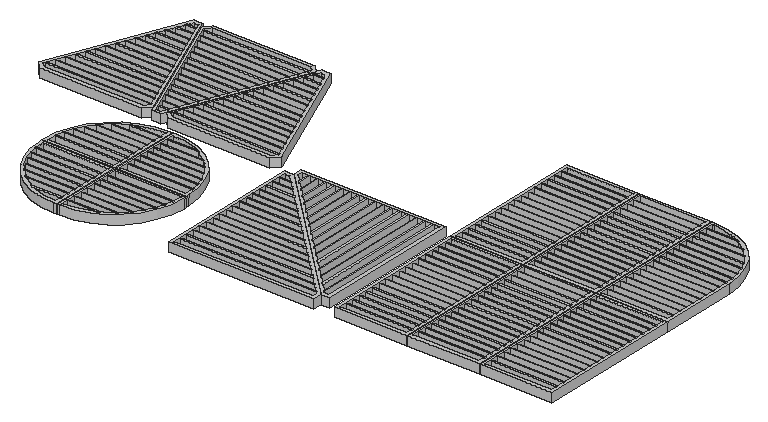
Revit family "CDL-WFD-006_MARTHA'S_RFA", category Modelos genéricos, Revit 2022 (continued)
Forms (in)
  Extrusion 308, solid, not visible
    sketch origin (-32.38338, 0.00149, -1.20924) x (0, 1, 0) y (0, 0, -1)
      loop
        line (0.96881, 1.14538) -> (0.96881, -1.85462) -> (0.65631, -1.85462) -> (0.65631, -2.35462) -> (0.96881, -2.35462) -> (3.48948, -2.35462) -> (3.48948, -0.60462) -> (4.19814, -0.60462) -> (4.19814, -2.35462) -> (9.23948, -2.35462) -> (9.23948, -0.60462) -> (9.94814, -0.60462) -> (9.94814, -2.35462) -> (14.98948, -2.35462) -> (14.98948, -0.60462) -> (15.69814, -0.60462) -> (15.69814, -2.35462) -> (20.73948, -2.35462) -> (20.73948, -0.60462) -> (21.44814, -0.60462) -> (21.44814, -2.35462) -> (24.28131, -2.35462) -> (24.28131, -1.85462) -> (23.96881, -1.85462) -> (23.96881, 1.14538) -> (0.96881, 1.14538)
    from -3.96341 to -3.49097
  Extrusion 309, solid, not visible
    sketch origin (-26.63338, 0.00149, -1.20924) x (0, 1, 0) y (0, 0, -1)
      loop
        line (0.96881, 1.14538) -> (0.96881, -1.85462) -> (0.65631, -1.85462) -> (0.65631, -2.35462) -> (0.96881, -2.35462) -> (3.48948, -2.35462) -> (3.48948, -0.60462) -> (4.19814, -0.60462) -> (4.19814, -2.35462) -> (9.23948, -2.35462) -> (9.23948, -0.60462) -> (9.94814, -0.60462) -> (9.94814, -2.35462) -> (14.98948, -2.35462) -> (14.98948, -0.60462) -> (15.69814, -0.60462) -> (15.69814, -2.35462) -> (20.73948, -2.35462) -> (20.73948, -0.60462) -> (21.44814, -0.60462) -> (21.44814, -2.35462) -> (24.28131, -2.35462) -> (24.28131, -1.85462) -> (23.96881, -1.85462) -> (23.96881, 1.14538) -> (0.96881, 1.14538)
    from -3.96341 to -3.49097
  Extrusion 310, solid, not visible
    sketch origin (-44, 0, 0) x (1, 0, 0) y (0, 0, 1)
      loop
        line (0.96881, 0.64538) -> (0.96881, -2.35462) -> (3.48948, -2.35462) -> (3.48948, -0.60462) -> (4.19814, -0.60462) -> (4.19814, -2.35462) -> (9.23948, -2.35462) -> (9.23948, -0.60462) -> (9.94814, -0.60462) -> (9.94814, -2.35462) -> (14.98948, -2.35462) -> (14.98948, -0.60462) -> (15.69814, -0.60462) -> (15.69814, -2.35462) -> (20.73948, -2.35462) -> (20.73948, -0.60462) -> (21.44814, -0.60462) -> (21.44814, -2.35462) -> (23.96881, -2.35462) -> (23.96881, 0.64538) -> (24.28131, 0.64538) -> (24.28131, 1.14538) -> (0.65631, 1.14538) -> (0.65631, 0.64538) -> (0.96881, 0.64538)
    from -3.60908 to -3.49097
  Extrusion 311, solid, not visible
    sketch origin (-44, 0, 0) x (1, 0, 0) y (0, 0, 1)
      loop
        line (0.96881, 0.64538) -> (0.96881, -2.35462) -> (3.48948, -2.35462) -> (3.48948, -0.60462) -> (4.19814, -0.60462) -> (4.19814, -2.35462) -> (9.23948, -2.35462) -> (9.23948, -0.60462) -> (9.94814, -0.60462) -> (9.94814, -2.35462) -> (14.98948, -2.35462) -> (14.98948, -0.60462) -> (15.69814, -0.60462) -> (15.69814, -2.35462) -> (20.73948, -2.35462) -> (20.73948, -0.60462) -> (21.44814, -0.60462) -> (21.44814, -2.35462) -> (23.96881, -2.35462) -> (23.96881, 0.64538) -> (24.28131, 0.64538) -> (24.28131, 1.14538) -> (0.65631, 1.14538) -> (0.65631, 0.64538) -> (0.96881, 0.64538)
    from -4.08152 to -3.60908
  Extrusion 312, solid, not visible
    sketch origin (-44, 0, 0) x (1, 0, 0) y (0, 0, 1)
      loop
        line (0.96881, 0.64538) -> (0.96881, -2.35462) -> (3.48948, -2.35462) -> (3.48948, -0.60462) -> (4.19814, -0.60462) -> (4.19814, -2.35462) -> (9.23948, -2.35462) -> (9.23948, -0.60462) -> (9.94814, -0.60462) -> (9.94814, -2.35462) -> (14.98948, -2.35462) -> (14.98948, -0.60462) -> (15.69814, -0.60462) -> (15.69814, -2.35462) -> (20.73948, -2.35462) -> (20.73948, -0.60462) -> (21.44814, -0.60462) -> (21.44814, -2.35462) -> (23.96881, -2.35462) -> (23.96881, 0.64538) -> (24.28131, 0.64538) -> (24.28131, 1.14538) -> (0.65631, 1.14538) -> (0.65631, 0.64538) -> (0.96881, 0.64538)
    from -4.19963 to -4.08152
  Extrusion 313, solid, not visible
    sketch origin (-44.00149, 0.00149, -1.20924) x (0, 1, 0) y (0, 0, -1)
      loop
        line (0.96881, 1.14538) -> (0.96881, -1.85462) -> (0.65631, -1.85462) -> (0.65631, -2.35462) -> (0.96881, -2.35462) -> (3.48948, -2.35462) -> (3.48948, -0.60462) -> (4.19814, -0.60462) -> (4.19814, -2.35462) -> (9.23948, -2.35462) -> (9.23948, -0.60462) -> (9.94814, -0.60462) -> (9.94814, -2.35462) -> (14.98948, -2.35462) -> (14.98948, -0.60462) -> (15.69814, -0.60462) -> (15.69814, -2.35462) -> (20.73948, -2.35462) -> (20.73948, -0.60462) -> (21.44814, -0.60462) -> (21.44814, -2.35462) -> (24.28131, -2.35462) -> (24.28131, -1.85462) -> (23.96881, -1.85462) -> (23.96881, 1.14538) -> (0.96881, 1.14538)
    from -3.60908 to -3.49097
  Extrusion 314, solid, not visible
    sketch origin (-43.88338, 0.00149, -1.20924) x (0, 1, 0) y (0, 0, -1)
      loop
        line (0.96881, 1.14538) -> (0.96881, -1.85462) -> (0.65631, -1.85462) -> (0.65631, -2.35462) -> (0.96881, -2.35462) -> (3.48948, -2.35462) -> (3.48948, -0.60462) -> (4.19814, -0.60462) -> (4.19814, -2.35462) -> (9.23948, -2.35462) -> (9.23948, -0.60462) -> (9.94814, -0.60462) -> (9.94814, -2.35462) -> (14.98948, -2.35462) -> (14.98948, -0.60462) -> (15.69814, -0.60462) -> (15.69814, -2.35462) -> (20.73948, -2.35462) -> (20.73948, -0.60462) -> (21.44814, -0.60462) -> (21.44814, -2.35462) -> (24.28131, -2.35462) -> (24.28131, -1.85462) -> (23.96881, -1.85462) -> (23.96881, 1.14538) -> (0.96881, 1.14538)
    from -3.96341 to -3.49097
  Extrusion 315, solid, not visible
    sketch origin (-44.00149, 0.00149, -1.20924) x (0, 1, 0) y (0, 0, -1)
      loop
        line (0.96881, 1.14538) -> (0.96881, -1.85462) -> (0.65631, -1.85462) -> (0.65631, -2.35462) -> (0.96881, -2.35462) -> (3.48948, -2.35462) -> (3.48948, -0.60462) -> (4.19814, -0.60462) -> (4.19814, -2.35462) -> (9.23948, -2.35462) -> (9.23948, -0.60462) -> (9.94814, -0.60462) -> (9.94814, -2.35462) -> (14.98948, -2.35462) -> (14.98948, -0.60462) -> (15.69814, -0.60462) -> (15.69814, -2.35462) -> (20.73948, -2.35462) -> (20.73948, -0.60462) -> (21.44814, -0.60462) -> (21.44814, -2.35462) -> (24.28131, -2.35462) -> (24.28131, -1.85462) -> (23.96881, -1.85462) -> (23.96881, 1.14538) -> (0.96881, 1.14538)
    from -4.19963 to -4.08152
  Extrusion 316, solid, not visible
    sketch origin (-44, 0, 0) x (1, 0, 0) y (0, 0, 1)
      loop
        line (0.96881, 0.64538) -> (0.96881, -2.35462) -> (3.48948, -2.35462) -> (3.48948, -0.60462) -> (4.19814, -0.60462) -> (4.19814, -2.35462) -> (9.23948, -2.35462) -> (9.23948, -0.60462) -> (9.94814, -0.60462) -> (9.94814, -2.35462) -> (14.98948, -2.35462) -> (14.98948, -0.60462) -> (15.69814, -0.60462) -> (15.69814, -2.35462) -> (20.73948, -2.35462) -> (20.73948, -0.60462) -> (21.44814, -0.60462) -> (21.44814, -2.35462) -> (23.96881, -2.35462) -> (23.96881, 0.64538) -> (24.28131, 0.64538) -> (24.28131, 1.14538) -> (0.65631, 1.14538) -> (0.65631, 0.64538) -> (0.96881, 0.64538)
    from -9.94963 to -9.83152
  Extrusion 317, solid, not visible
    sketch origin (-44, 0, 0) x (1, 0, 0) y (0, 0, 1)
      loop
        line (0.96881, 0.64538) -> (0.96881, -2.35462) -> (3.48948, -2.35462) -> (3.48948, -0.60462) -> (4.19814, -0.60462) -> (4.19814, -2.35462) -> (9.23948, -2.35462) -> (9.23948, -0.60462) -> (9.94814, -0.60462) -> (9.94814, -2.35462) -> (14.98948, -2.35462) -> (14.98948, -0.60462) -> (15.69814, -0.60462) -> (15.69814, -2.35462) -> (20.73948, -2.35462) -> (20.73948, -0.60462) -> (21.44814, -0.60462) -> (21.44814, -2.35462) -> (23.96881, -2.35462) -> (23.96881, 0.64538) -> (24.28131, 0.64538) -> (24.28131, 1.14538) -> (0.65631, 1.14538) -> (0.65631, 0.64538) -> (0.96881, 0.64538)
    from -9.35908 to -9.24097
  Extrusion 318, solid, not visible
    sketch origin (-44, 0, 0) x (1, 0, 0) y (0, 0, 1)
      loop
        line (0.96881, 0.64538) -> (0.96881, -2.35462) -> (3.48948, -2.35462) -> (3.48948, -0.60462) -> (4.19814, -0.60462) -> (4.19814, -2.35462) -> (9.23948, -2.35462) -> (9.23948, -0.60462) -> (9.94814, -0.60462) -> (9.94814, -2.35462) -> (14.98948, -2.35462) -> (14.98948, -0.60462) -> (15.69814, -0.60462) -> (15.69814, -2.35462) -> (20.73948, -2.35462) -> (20.73948, -0.60462) -> (21.44814, -0.60462) -> (21.44814, -2.35462) -> (23.96881, -2.35462) -> (23.96881, 0.64538) -> (24.28131, 0.64538) -> (24.28131, 1.14538) -> (0.65631, 1.14538) -> (0.65631, 0.64538) -> (0.96881, 0.64538)
    from -9.83152 to -9.35908
  Extrusion 319, solid, not visible
    sketch origin (-44, 0, 0) x (1, 0, 0) y (0, 0, 1)
      loop
        line (0.96881, 0.64538) -> (0.96881, -2.35462) -> (3.48948, -2.35462) -> (3.48948, -0.60462) -> (4.19814, -0.60462) -> (4.19814, -2.35462) -> (9.23948, -2.35462) -> (9.23948, -0.60462) -> (9.94814, -0.60462) -> (9.94814, -2.35462) -> (14.98948, -2.35462) -> (14.98948, -0.60462) -> (15.69814, -0.60462) -> (15.69814, -2.35462) -> (20.73948, -2.35462) -> (20.73948, -0.60462) -> (21.44814, -0.60462) -> (21.44814, -2.35462) -> (23.96881, -2.35462) -> (23.96881, 0.64538) -> (24.28131, 0.64538) -> (24.28131, 1.14538) -> (0.65631, 1.14538) -> (0.65631, 0.64538) -> (0.96881, 0.64538)
    from -15.69963 to -15.58152
  Extrusion 320, solid, not visible
    sketch origin (-44, 0, 0) x (1, 0, 0) y (0, 0, 1)
      loop
        line (0.96881, 0.64538) -> (0.96881, -2.35462) -> (3.48948, -2.35462) -> (3.48948, -0.60462) -> (4.19814, -0.60462) -> (4.19814, -2.35462) -> (9.23948, -2.35462) -> (9.23948, -0.60462) -> (9.94814, -0.60462) -> (9.94814, -2.35462) -> (14.98948, -2.35462) -> (14.98948, -0.60462) -> (15.69814, -0.60462) -> (15.69814, -2.35462) -> (20.73948, -2.35462) -> (20.73948, -0.60462) -> (21.44814, -0.60462) -> (21.44814, -2.35462) -> (23.96881, -2.35462) -> (23.96881, 0.64538) -> (24.28131, 0.64538) -> (24.28131, 1.14538) -> (0.65631, 1.14538) -> (0.65631, 0.64538) -> (0.96881, 0.64538)
    from -15.10908 to -14.99097
  Extrusion 321, solid, not visible
    sketch origin (-44, 0, 0) x (1, 0, 0) y (0, 0, 1)
      loop
        line (0.96881, 0.64538) -> (0.96881, -2.35462) -> (3.48948, -2.35462) -> (3.48948, -0.60462) -> (4.19814, -0.60462) -> (4.19814, -2.35462) -> (9.23948, -2.35462) -> (9.23948, -0.60462) -> (9.94814, -0.60462) -> (9.94814, -2.35462) -> (14.98948, -2.35462) -> (14.98948, -0.60462) -> (15.69814, -0.60462) -> (15.69814, -2.35462) -> (20.73948, -2.35462) -> (20.73948, -0.60462) -> (21.44814, -0.60462) -> (21.44814, -2.35462) -> (23.96881, -2.35462) -> (23.96881, 0.64538) -> (24.28131, 0.64538) -> (24.28131, 1.14538) -> (0.65631, 1.14538) -> (0.65631, 0.64538) -> (0.96881, 0.64538)
    from -15.58152 to -15.10908
  Extrusion 322, solid, not visible
    sketch origin (-44, 0, 0) x (1, 0, 0) y (0, 0, 1)
      loop
        line (0.96881, 0.64538) -> (0.96881, -2.35462) -> (3.48948, -2.35462) -> (3.48948, -0.60462) -> (4.19814, -0.60462) -> (4.19814, -2.35462) -> (9.23948, -2.35462) -> (9.23948, -0.60462) -> (9.94814, -0.60462) -> (9.94814, -2.35462) -> (14.98948, -2.35462) -> (14.98948, -0.60462) -> (15.69814, -0.60462) -> (15.69814, -2.35462) -> (20.73948, -2.35462) -> (20.73948, -0.60462) -> (21.44814, -0.60462) -> (21.44814, -2.35462) -> (23.96881, -2.35462) -> (23.96881, 0.64538) -> (24.28131, 0.64538) -> (24.28131, 1.14538) -> (0.65631, 1.14538) -> (0.65631, 0.64538) -> (0.96881, 0.64538)
    from -21.44963 to -21.33152
  Extrusion 323, solid, not visible
    sketch origin (-44, 0, 0) x (1, 0, 0) y (0, 0, 1)
      loop
        line (0.96881, 0.64538) -> (0.96881, -2.35462) -> (3.48948, -2.35462) -> (3.48948, -0.60462) -> (4.19814, -0.60462) -> (4.19814, -2.35462) -> (9.23948, -2.35462) -> (9.23948, -0.60462) -> (9.94814, -0.60462) -> (9.94814, -2.35462) -> (14.98948, -2.35462) -> (14.98948, -0.60462) -> (15.69814, -0.60462) -> (15.69814, -2.35462) -> (20.73948, -2.35462) -> (20.73948, -0.60462) -> (21.44814, -0.60462) -> (21.44814, -2.35462) -> (23.96881, -2.35462) -> (23.96881, 0.64538) -> (24.28131, 0.64538) -> (24.28131, 1.14538) -> (0.65631, 1.14538) -> (0.65631, 0.64538) -> (0.96881, 0.64538)
    from -20.85908 to -20.74097
  Extrusion 324, solid, not visible
    sketch origin (-44, 0, 0) x (1, 0, 0) y (0, 0, 1)
      loop
        line (0.96881, 0.64538) -> (0.96881, -2.35462) -> (3.48948, -2.35462) -> (3.48948, -0.60462) -> (4.19814, -0.60462) -> (4.19814, -2.35462) -> (9.23948, -2.35462) -> (9.23948, -0.60462) -> (9.94814, -0.60462) -> (9.94814, -2.35462) -> (14.98948, -2.35462) -> (14.98948, -0.60462) -> (15.69814, -0.60462) -> (15.69814, -2.35462) -> (20.73948, -2.35462) -> (20.73948, -0.60462) -> (21.44814, -0.60462) -> (21.44814, -2.35462) -> (23.96881, -2.35462) -> (23.96881, 0.64538) -> (24.28131, 0.64538) -> (24.28131, 1.14538) -> (0.65631, 1.14538) -> (0.65631, 0.64538) -> (0.96881, 0.64538)
    from -21.33152 to -20.85908
  Extrusion 325, solid, not visible
    sketch origin (-38.25149, 0.00149, -1.20924) x (0, 1, 0) y (0, 0, -1)
      loop
        line (0.96881, 1.14538) -> (0.96881, -1.85462) -> (0.65631, -1.85462) -> (0.65631, -2.35462) -> (0.96881, -2.35462) -> (3.48948, -2.35462) -> (3.48948, -0.60462) -> (4.19814, -0.60462) -> (4.19814, -2.35462) -> (9.23948, -2.35462) -> (9.23948, -0.60462) -> (9.94814, -0.60462) -> (9.94814, -2.35462) -> (14.98948, -2.35462) -> (14.98948, -0.60462) -> (15.69814, -0.60462) -> (15.69814, -2.35462) -> (20.73948, -2.35462) -> (20.73948, -0.60462) -> (21.44814, -0.60462) -> (21.44814, -2.35462) -> (24.28131, -2.35462) -> (24.28131, -1.85462) -> (23.96881, -1.85462) -> (23.96881, 1.14538) -> (0.96881, 1.14538)
    from -4.19963 to -4.08152
  Extrusion 326, solid, not visible
    sketch origin (-38.84204, 0.00149, -1.20924) x (0, 1, 0) y (0, 0, -1)
      loop
        line (0.96881, 1.14538) -> (0.96881, -1.85462) -> (0.65631, -1.85462) -> (0.65631, -2.35462) -> (0.96881, -2.35462) -> (3.48948, -2.35462) -> (3.48948, -0.60462) -> (4.19814, -0.60462) -> (4.19814, -2.35462) -> (9.23948, -2.35462) -> (9.23948, -0.60462) -> (9.94814, -0.60462) -> (9.94814, -2.35462) -> (14.98948, -2.35462) -> (14.98948, -0.60462) -> (15.69814, -0.60462) -> (15.69814, -2.35462) -> (20.73948, -2.35462) -> (20.73948, -0.60462) -> (21.44814, -0.60462) -> (21.44814, -2.35462) -> (24.28131, -2.35462) -> (24.28131, -1.85462) -> (23.96881, -1.85462) -> (23.96881, 1.14538) -> (0.96881, 1.14538)
    from -4.19963 to -4.08152
  Extrusion 327, solid, not visible
    sketch origin (-32.50149, 0.00149, -1.20924) x (0, 1, 0) y (0, 0, -1)
      loop
        line (0.96881, 1.14538) -> (0.96881, -1.85462) -> (0.65631, -1.85462) -> (0.65631, -2.35462) -> (0.96881, -2.35462) -> (3.48948, -2.35462) -> (3.48948, -0.60462) -> (4.19814, -0.60462) -> (4.19814, -2.35462) -> (9.23948, -2.35462) -> (9.23948, -0.60462) -> (9.94814, -0.60462) -> (9.94814, -2.35462) -> (14.98948, -2.35462) -> (14.98948, -0.60462) -> (15.69814, -0.60462) -> (15.69814, -2.35462) -> (20.73948, -2.35462) -> (20.73948, -0.60462) -> (21.44814, -0.60462) -> (21.44814, -2.35462) -> (24.28131, -2.35462) -> (24.28131, -1.85462) -> (23.96881, -1.85462) -> (23.96881, 1.14538) -> (0.96881, 1.14538)
    from -4.19963 to -4.08152
  Extrusion 328, solid, not visible
    sketch origin (-33.09204, 0.00149, -1.20924) x (0, 1, 0) y (0, 0, -1)
      loop
        line (0.96881, 1.14538) -> (0.96881, -1.85462) -> (0.65631, -1.85462) -> (0.65631, -2.35462) -> (0.96881, -2.35462) -> (3.48948, -2.35462) -> (3.48948, -0.60462) -> (4.19814, -0.60462) -> (4.19814, -2.35462) -> (9.23948, -2.35462) -> (9.23948, -0.60462) -> (9.94814, -0.60462) -> (9.94814, -2.35462) -> (14.98948, -2.35462) -> (14.98948, -0.60462) -> (15.69814, -0.60462) -> (15.69814, -2.35462) -> (20.73948, -2.35462) -> (20.73948, -0.60462) -> (21.44814, -0.60462) -> (21.44814, -2.35462) -> (24.28131, -2.35462) -> (24.28131, -1.85462) -> (23.96881, -1.85462) -> (23.96881, 1.14538) -> (0.96881, 1.14538)
    from -4.19963 to -4.08152
  Extrusion 329, solid, not visible
    sketch origin (-27.34204, 0.00149, -1.20924) x (0, 1, 0) y (0, 0, -1)
      loop
        line (0.96881, 1.14538) -> (0.96881, -1.85462) -> (0.65631, -1.85462) -> (0.65631, -2.35462) -> (0.96881, -2.35462) -> (3.48948, -2.35462) -> (3.48948, -0.60462) -> (4.19814, -0.60462) -> (4.19814, -2.35462) -> (9.23948, -2.35462) -> (9.23948, -0.60462) -> (9.94814, -0.60462) -> (9.94814, -2.35462) -> (14.98948, -2.35462) -> (14.98948, -0.60462) -> (15.69814, -0.60462) -> (15.69814, -2.35462) -> (20.73948, -2.35462) -> (20.73948, -0.60462) -> (21.44814, -0.60462) -> (21.44814, -2.35462) -> (24.28131, -2.35462) -> (24.28131, -1.85462) -> (23.96881, -1.85462) -> (23.96881, 1.14538) -> (0.96881, 1.14538)
    from -4.19963 to -4.08152
  Extrusion 330, solid, not visible
    sketch origin (-26.75149, 0.00149, -1.20924) x (0, 1, 0) y (0, 0, -1)
      loop
        line (0.96881, 1.14538) -> (0.96881, -1.85462) -> (0.65631, -1.85462) -> (0.65631, -2.35462) -> (0.96881, -2.35462) -> (3.48948, -2.35462) -> (3.48948, -0.60462) -> (4.19814, -0.60462) -> (4.19814, -2.35462) -> (9.23948, -2.35462) -> (9.23948, -0.60462) -> (9.94814, -0.60462) -> (9.94814, -2.35462) -> (14.98948, -2.35462) -> (14.98948, -0.60462) -> (15.69814, -0.60462) -> (15.69814, -2.35462) -> (20.73948, -2.35462) -> (20.73948, -0.60462) -> (21.44814, -0.60462) -> (21.44814, -2.35462) -> (24.28131, -2.35462) -> (24.28131, -1.85462) -> (23.96881, -1.85462) -> (23.96881, 1.14538) -> (0.96881, 1.14538)
    from -4.19963 to -4.08152
  Extrusion 331, solid, not visible
    sketch origin (-38.13338, 0.00149, -1.20924) x (0, 1, 0) y (0, 0, -1)
      loop
        line (0.96881, 1.14538) -> (0.96881, -1.85462) -> (0.65631, -1.85462) -> (0.65631, -2.35462) -> (0.96881, -2.35462) -> (3.48948, -2.35462) -> (3.48948, -0.60462) -> (4.19814, -0.60462) -> (4.19814, -2.35462) -> (9.23948, -2.35462) -> (9.23948, -0.60462) -> (9.94814, -0.60462) -> (9.94814, -2.35462) -> (14.98948, -2.35462) -> (14.98948, -0.60462) -> (15.69814, -0.60462) -> (15.69814, -2.35462) -> (20.73948, -2.35462) -> (20.73948, -0.60462) -> (21.44814, -0.60462) -> (21.44814, -2.35462) -> (24.28131, -2.35462) -> (24.28131, -1.85462) -> (23.96881, -1.85462) -> (23.96881, 1.14538) -> (0.96881, 1.14538)
    from -3.96341 to -3.49097
  Extrusion 332, solid, not visible
    sketch origin (-32.38338, 0.00149, -1.20924) x (0, 1, 0) y (0, 0, -1)
      loop
        line (0.96881, 1.14538) -> (0.96881, -1.85462) -> (0.65631, -1.85462) -> (0.65631, -2.35462) -> (0.96881, -2.35462) -> (3.48948, -2.35462) -> (3.48948, -0.60462) -> (4.19814, -0.60462) -> (4.19814, -2.35462) -> (9.23948, -2.35462) -> (9.23948, -0.60462) -> (9.94814, -0.60462) -> (9.94814, -2.35462) -> (14.98948, -2.35462) -> (14.98948, -0.60462) -> (15.69814, -0.60462) -> (15.69814, -2.35462) -> (20.73948, -2.35462) -> (20.73948, -0.60462) -> (21.44814, -0.60462) -> (21.44814, -2.35462) -> (24.28131, -2.35462) -> (24.28131, -1.85462) -> (23.96881, -1.85462) -> (23.96881, 1.14538) -> (0.96881, 1.14538)
    from -3.96341 to -3.49097
  Extrusion 333, solid, not visible
    sketch origin (-26.63338, 0.00149, -1.20924) x (0, 1, 0) y (0, 0, -1)
      loop
        line (0.96881, 1.14538) -> (0.96881, -1.85462) -> (0.65631, -1.85462) -> (0.65631, -2.35462) -> (0.96881, -2.35462) -> (3.48948, -2.35462) -> (3.48948, -0.60462) -> (4.19814, -0.60462) -> (4.19814, -2.35462) -> (9.23948, -2.35462) -> (9.23948, -0.60462) -> (9.94814, -0.60462) -> (9.94814, -2.35462) -> (14.98948, -2.35462) -> (14.98948, -0.60462) -> (15.69814, -0.60462) -> (15.69814, -2.35462) -> (20.73948, -2.35462) -> (20.73948, -0.60462) -> (21.44814, -0.60462) -> (21.44814, -2.35462) -> (24.28131, -2.35462) -> (24.28131, -1.85462) -> (23.96881, -1.85462) -> (23.96881, 1.14538) -> (0.96881, 1.14538)
    from -3.96341 to -3.49097
  Extrusion 334, solid, not visible
    sketch origin (0, 0, 0) x (1, 0, 0) y (0, 1, 0)
      loop
        line (0, 0.11811) -> (0, 0) -> (48, 0) -> (48, 0.11811) -> (0, 0.11811)
    from 0 to 108
  Extrusion 335, solid, not visible
    sketch origin (0, 0, 0) x (1, 0, 0) y (0, 1, 0)
      loop
        line (0, 0.59055) -> (0, 0.11811) -> (48, 0.11811) -> (48, 0.59055) -> (0, 0.59055)
    from 0 to 108
  Extrusion 336, solid, not visible
    sketch origin (20.06218, -10.5, 0) x (0.5, 0.866025, 0) y (-0.866025, 0.5, 0)
      loop
        line (26.12436, 24.24871) -> (1.87564, 24.24871) -> (0, 21) -> (12.12436, 0) -> (36.37307, 0) -> (38.24871, 3.24871) -> (26.12436, 24.24871)
      loop
        line (35.82754, 0.94488) -> (37.15766, 3.24871) -> (25.57883, 23.30383) -> (2.42117, 23.30383) -> (1.09106, 21) -> (12.66988, 0.94488) -> (35.82754, 0.94488)
    from 0 to 10
  Extrusion 337, solid, not visible
    sketch origin (18.18653, 13.74871, 0) x (-0.5, 0.866025, 0) y (-0.866025, -0.5, 0)
      loop
        line (26.12436, 24.24871) -> (1.87564, 24.24871) -> (0, 21) -> (12.12436, 0) -> (36.37307, 0) -> (38.24871, 3.24871) -> (26.12436, 24.24871)
      loop
        line (35.82754, 0.94488) -> (37.15766, 3.24871) -> (25.57883, 23.30383) -> (2.42117, 23.30383) -> (1.09106, 21) -> (12.66988, 0.94488) -> (35.82754, 0.94488)
    from 0 to 10
  Extrusion 338, solid, not visible
    sketch origin (-23.81347, -10.5, 0) x (-0.5, 0.866025, 0) y (-0.866025, -0.5, 0)
      loop
        line (26.12436, -24.24871) -> (38.24871, -3.24871) -> (36.37307, 0) -> (12.12436, 0) -> (0, -21) -> (1.87564, -24.24871) -> (26.12436, -24.24871)
      loop
        line (35.82754, -0.94488) -> (12.66988, -0.94488) -> (1.09106, -21) -> (2.42117, -23.30383) -> (25.57883, -23.30383) -> (37.15766, -3.24871) -> (35.82754, -0.94488)
    from 0 to 10
  Extrusion 339, solid, not visible
    sketch origin (20.06218, 10.5, 0) x (0.5, -0.866025, 0) y (0.866025, 0.5, 0)
      loop
        line (26.12436, -24.24871) -> (38.24871, -3.24871) -> (36.37307, 0) -> (12.12436, 0) -> (0, -21) -> (1.87564, -24.24871) -> (26.12436, -24.24871)
      loop
        line (35.82754, -0.94488) -> (12.66988, -0.94488) -> (1.09106, -21) -> (2.42117, -23.30383) -> (25.57883, -23.30383) -> (37.15766, -3.24871) -> (35.82754, -0.94488)
    from 0 to 10
  Extrusion 340, solid, not visible
    sketch origin (18.18653, -13.74871, 0) x (-0.5, -0.866025, 0) y (0.866025, -0.5, 0)
      loop
        line (26.12436, -24.24871) -> (38.24871, -3.24871) -> (36.37307, 0) -> (12.12436, 0) -> (0, -21) -> (1.87564, -24.24871) -> (26.12436, -24.24871)
      loop
        line (35.82754, -0.94488) -> (12.66988, -0.94488) -> (1.09106, -21) -> (2.42117, -23.30383) -> (25.57883, -23.30383) -> (37.15766, -3.24871) -> (35.82754, -0.94488)
    from 0 to 10
  Extrusion 341, solid, not visible
    sketch origin (-23.81347, 10.5, 0) x (-0.5, -0.866025, 0) y (0.866025, -0.5, 0)
      loop
        line (26.12436, 24.24871) -> (1.87564, 24.24871) -> (0, 21) -> (12.12436, 0) -> (36.37307, 0) -> (38.24871, 3.24871) -> (26.12436, 24.24871)
      loop
        line (35.82754, 0.94488) -> (37.15766, 3.24871) -> (25.57883, 23.30383) -> (2.42117, 23.30383) -> (1.09106, 21) -> (12.66988, 0.94488) -> (35.82754, 0.94488)
    from 0 to 10
  Extrusion 342, solid, not visible
    sketch origin (-21.93782, 13.74871, 0) x (0.5, 0.866025, 0) y (-0.866025, 0.5, 0)
      loop
        line (26.12436, 24.24871) -> (1.87564, 24.24871) -> (0, 21) -> (12.12436, 0) -> (36.37307, 0) -> (38.24871, 3.24871) -> (26.12436, 24.24871)
      loop
        line (35.82754, 0.94488) -> (37.15766, 3.24871) -> (25.57883, 23.30383) -> (2.42117, 23.30383) -> (1.09106, 21) -> (12.66988, 0.94488) -> (35.82754, 0.94488)
    from 0 to 10
  Extrusion 343, solid, not visible
    sketch origin (-21.94005, -13.75, 0) x (0.5, -0.866025, 0) y (0.866025, 0.5, 0)
      loop
        line (26.12436, -24.24871) -> (38.24871, -3.24871) -> (36.37307, 0) -> (12.12436, 0) -> (0, -21) -> (1.87564, -24.24871) -> (26.12436, -24.24871)
      loop
        line (35.82754, -0.94488) -> (12.66988, -0.94488) -> (1.09106, -21) -> (2.42117, -23.30383) -> (25.57883, -23.30383) -> (37.15766, -3.24871) -> (35.82754, -0.94488)
    from 0 to 10
  Extrusion 344, solid, not visible
    sketch origin (60.18877, 10.50129, 0) x (-0.5, -0.866025, 0) y (0.866025, -0.5, 0)
      loop
        line (26.12436, -24.24871) -> (38.24871, -3.24871) -> (36.37307, 0) -> (12.12436, 0) -> (0, -21) -> (1.87564, -24.24871) -> (26.12436, -24.24871)
      loop
        line (35.82754, -0.94488) -> (12.66988, -0.94488) -> (1.09106, -21) -> (2.42117, -23.30383) -> (25.57883, -23.30383) -> (37.15766, -3.24871) -> (35.82754, -0.94488)
    from 0 to 10
  Extrusion 345, solid, not visible
    sketch origin (-2.92322, 3.37295, 0) x (1, 0, 0) y (0, 1, 0)
      loop
        circle (21.56983, 21.96091) r 24.5
      loop
        circle (21.56983, 21.96091) r 23.5
    from 0 to 8
  Extrusion 346, solid, not visible
    sketch origin (0, 0, 0) x (1, 0, 0) y (0, 1, 0)
      loop
        circle (331.30201, 30.00794) r 2.50503
      loop
        circle (331.30201, 30.00794) r 2
    from 1.91103 to 2.63408
  Extrusion 347, solid, not visible
    sketch origin (0, 0, 0) x (1, 0, 0) y (0, 1, 0)
      loop
        circle (331.30201, 30.00794) r 2
    from 1.94644 to 2.58052
  Extrusion 348, solid, not visible
    sketch origin (-2.92322, 3.37295, 0) x (1, 0, 0) y (0, 1, 0)
      loop
        circle (21.56983, 21.96091) r 24.5
      loop
        circle (21.56983, 21.96091) r 23.5
    from -0.08187 to 4
  Extrusion 349, solid, not visible
    sketch origin (-321.72966, 0, 0) x (1, 0, 0) y (0, 1, 0)
      loop
        circle (316.62627, 25.33386) r 0.25
    from 2.63408 to 42.53135
  Extrusion 350, solid, not visible
    sketch origin (359.03255, 0, 0) x (-1, 0, 0) y (0, -1, 0)
      loop
        circle (316.62627, -25.33386) r 0.25
    from 2.63408 to 42.53135
  Extrusion 351, solid, not visible
    sketch origin (115.24237, 3.37295, 0) x (1, 0, 0) y (0, 1, 0)
      loop
        circle (21.56983, 21.96091) r 24.5
      loop
        circle (21.56983, 21.96091) r 23.5
    from -0.08187 to 4
  Extrusion 352, solid, not visible
    sketch origin (0, 0, 0) x (1, 0, 0) y (0, 1, 0)
      loop
        circle (136.8122, 25.33386) r 23.5
    from 2 to 2.63408
  Extrusion 353, solid, not visible
    sketch origin (-203.06407, 0, 0) x (1, 0, 0) y (0, 1, 0)
      loop
        circle (316.62627, 25.33386) r 0.25
    from 2.63408 to 61.53135
  Extrusion 354, solid, not visible
    sketch origin (476.68846, 0, 0) x (-1, 0, 0) y (0, -1, 0)
      loop
        circle (316.62627, -25.33386) r 0.25
    from 2.63408 to 61.53135
  Extrusion 355, solid, not visible
    sketch origin (218.36157, 3.37295, 0) x (1, 0, 0) y (0, 1, 0)
      loop
        circle (21.56983, 21.96091) r 24.5
      loop
        circle (21.56983, 21.96091) r 23.5
    from -0.08187 to 4
  Extrusion 356, solid, not visible
    sketch origin (218.36157, 3.37295, 0) x (1, 0, 0) y (0, 1, 0)
      loop
        circle (21.56983, 21.96091) r 23.5
      loop
        circle (21.56983, 21.96091) r 23.06194
    from -0.08187 to 1
  Extrusion 357, solid, not visible
    sketch origin (218.36157, 3.37295, 0) x (1, 0, 0) y (0, 1, 0)
      loop
        circle (21.56983, 21.96091) r 23.5
      loop
        circle (21.56983, 21.96091) r 23.06194
    from 1 to 1.5561
  Extrusion 358, solid, not visible
    sketch origin (102.6192, 0, 0) x (1, 0, 0) y (0, 1, 0)
      loop
        circle (137.31131, 25.38631) r 23.5
    from 2 to 2.63408
  Extrusion 359, solid, not visible
    sketch origin (-99.54074, 0, 0) x (1, 0, 0) y (0, 1, 0)
      loop
        circle (316.62627, 25.33386) r 0.25
    from 2.63408 to 77.53135
  Extrusion 360, solid, not visible
    sketch origin (579.40175, 0, 0) x (-1, 0, 0) y (0, -1, 0)
      loop
        circle (316.62627, -25.33386) r 0.25
    from 2.63408 to 77.53135
  Extrusion 361, solid, not visible
    sketch origin (315.15231, 3.37295, 0) x (1, 0, 0) y (0, 1, 0)
      loop
        circle (21.56983, 21.96091) r 24.5
      loop
        circle (21.56983, 21.96091) r 23.5
    from -0.08187 to 4
  Extrusion 362, solid, not visible
    sketch origin (0, 0, 0) x (1, 0, 0) y (0, 1, 0)
      loop
        circle (336.72124, 25.33386) r 23.50089
      loop
        circle (342.14048, 30.00794) r 2.5
      loop
        circle (331.30201, 30.00794) r 2.50503
      loop
        circle (336.72124, 20.60773) r 2.50503
    from 2 to 2.63408
  Extrusion 363, solid, not visible
    sketch origin (0, 0, 0) x (1, 0, 0) y (0, 1, 0)
      loop
        circle (331.30201, 30.00794) r 2.50503
      loop
        circle (331.30201, 30.00794) r 2
    from 1.91103 to 2.63408
  Extrusion 364, solid, not visible
    sketch origin (0, 0, 0) x (1, 0, 0) y (0, 1, 0)
      loop
        circle (331.30201, 30.00794) r 2
    from 1.94644 to 2.58052
  Extrusion 365, solid, not visible
    sketch origin (10.83846, 0, 0) x (1, 0, 0) y (0, 1, 0)
      loop
        circle (331.30201, 30.00794) r 2.50503
      loop
        circle (331.30201, 30.00794) r 2
    from 1.91103 to 2.63408
  Extrusion 366, solid, not visible
    sketch origin (10.83846, 0, 0) x (1, 0, 0) y (0, 1, 0)
      loop
        circle (331.30201, 30.00794) r 2
    from 1.94644 to 2.58052
  Extrusion 367, solid, not visible
    sketch origin (5.41923, -9.38639, 0) x (1, 0, 0) y (0, 1, 0)
      loop
        circle (331.30201, 30.00794) r 2.50503
      loop
        circle (331.30201, 30.00794) r 2
    from 1.91103 to 2.63408
  Extrusion 368, solid, not visible
    sketch origin (5.41923, -9.38639, 0) x (1, 0, 0) y (0, 1, 0)
      loop
        circle (331.30201, 30.00794) r 2
    from 1.94644 to 2.58052
  Extrusion 369, solid, not visible
    sketch origin (-3.15414, 0, 0) x (1, 0, 0) y (0, 1, 0)
      loop
        circle (316.62627, 25.33386) r 0.25
    from 2.63408 to 42.53135
  Extrusion 370, solid, not visible
    sketch origin (676.5984, 0, 0) x (-1, 0, 0) y (0, -1, 0)
      loop
        circle (316.62627, -25.33386) r 0.25
    from 2.63408 to 42.53135
  Extrusion 371, solid, not visible
    sketch origin (108, 0, 0) x (1, 0, 0) y (0, 1, 0)
      loop
        line (0.31701, 108.28341) -> (0.31701, 0.28341) -> (48.31701, 0.28341) -> (48.31701, 108.28341) -> (0.31701, 108.28341)
    from -1.94488 to -0.97244
  Extrusion 372, solid, not visible
    sketch origin (108, 0, 0) x (1, 0, 0) y (0, 1, 0)
      loop
        line (0.31701, 108.28341) -> (0.31701, 80.49268) -> (3.89077, 80.49268) -> (7.42097, 74.53548) -> (3.89232, 68.58088) -> (0.31701, 68.58088) -> (0.31701, 67.77836) -> (0.31701, 12.96152) -> (3.89077, 12.96152) -> (7.42097, 7.00432) -> (3.89232, 1.04972) -> (0.31701, 1.04972) -> (0.31701, 0.28341) -> (48.31701, 0.28341) -> (48.31701, 41.55105) -> (44.79804, 41.55105) -> (41.2694, 47.50562) -> (44.79804, 53.4602) -> (48.31701, 53.4602) -> (48.31701, 55.05105) -> (44.79804, 55.05105) -> (41.26779, 61.00834) -> (44.79317, 66.95742) -> (48.31701, 66.95742) -> (48.31701, 95.57751) -> (44.79804, 95.57751) -> (41.26779, 101.5348) -> (44.79317, 107.48389) -> (48.31701, 107.48389) -> (48.31701, 108.28341) -> (0.31701, 108.28341)
      loop
        line (4.9096, 1.28341) -> (43.72442, 1.28341) -> (40.31701, 7.03341) -> (44.31701, 13.78341) -> (47.31701, 13.78341) -> (47.31701, 40.78341) -> (44.31701, 40.78341) -> (40.31701, 34.03341) -> (44.31701, 27.28341) -> (40.31701, 20.53341) -> (32.31701, 20.53341) -> (28.31701, 27.28341) -> (20.31701, 27.28341) -> (16.31701, 20.53341) -> (8.31701, 20.53341) -> (4.31701, 13.78341) -> (8.31701, 7.03341) -> (4.9096, 1.28341)
      loop
        line (4.31701, 27.28341) -> (8.31701, 34.03341) -> (16.31701, 34.03341) -> (20.31701, 40.78341) -> (28.31701, 40.78341) -> (32.31701, 47.53341) -> (28.31701, 54.28341) -> (20.31701, 54.28341) -> (16.31471, 61.03433) -> (8.31755, 61.03433) -> (4.31635, 67.78341) -> (1.31701, 67.78341) -> (1.31701, 27.28341) -> (4.31701, 27.28341)
      loop
        line (32.31701, 61.03341) -> (40.31701, 61.03341) -> (44.31701, 67.78341) -> (47.31701, 67.78341) -> (47.31701, 94.78341) -> (44.31526, 94.78341) -> (40.31526, 88.03341) -> (32.31701, 88.03341) -> (28.31701, 94.78341) -> (20.31701, 94.78341) -> (16.31701, 88.03341) -> (20.31701, 81.28341) -> (16.31701, 74.53341) -> (20.31701, 67.78341) -> (28.31701, 67.78341) -> (32.31701, 61.03341)
      loop
        line (4.31701, 81.28341) -> (8.31788, 88.03489) -> (4.31701, 94.78341) -> (8.31701, 101.53341) -> (16.31701, 101.53341) -> (19.72442, 107.28341) -> (1.31701, 107.28341) -> (1.31701, 81.28341) -> (4.31701, 81.28341)
      loop
        line (39.86453, 21.32751) -> (43.39395, 27.28341) -> (39.86453, 33.23931) -> (32.76949, 33.23931) -> (29.24007, 27.28341) -> (32.77103, 21.32751) -> (39.86453, 21.32751)
      loop
        line (42.92899, 27.28341) -> (39.63661, 32.83931) -> (32.99741, 32.83931) -> (29.70505, 27.28346) -> (32.9989, 21.72751) -> (39.63661, 21.72751) -> (42.92899, 27.28341)
      loop
        line (15.89307, 61.79839) -> (19.4225, 67.75429) -> (15.89307, 73.7102) -> (8.79804, 73.7102) -> (5.26861, 67.75429) -> (8.79958, 61.79839) -> (15.89307, 61.79839)
      loop
        line (18.95754, 67.75429) -> (15.66515, 73.3102) -> (9.02596, 73.3102) -> (5.7336, 67.75434) -> (9.02745, 62.19839) -> (15.66515, 62.19839) -> (18.95754, 67.75429)
      loop
        line (27.89153, 95.54839) -> (31.42095, 101.50429) -> (27.89153, 107.4602) -> (20.79649, 107.4602) -> (17.26707, 101.50429) -> (20.79804, 95.54839) -> (27.89153, 95.54839)
      loop
        line (30.95599, 101.50429) -> (27.66361, 107.0602) -> (21.02441, 107.0602) -> (17.73205, 101.50434) -> (21.02591, 95.94839) -> (27.66361, 95.94839) -> (30.95599, 101.50429)
      loop
        line (32.31701, 101.53341) -> (40.31701, 101.53341) -> (43.72442, 107.28341) -> (28.9096, 107.28341) -> (32.31701, 101.53341)
      loop
        line (48.31701, 41.95105) -> (48.31701, 53.0602) -> (45.02596, 53.0602) -> (41.73436, 47.50562) -> (45.02596, 41.95105) -> (48.31701, 41.95105)
      loop
        line (44.88681, 1.28341) -> (47.31701, 1.28341) -> (47.31701, 12.78341) -> (44.88681, 12.78341) -> (41.4794, 7.03341) -> (44.88681, 1.28341)
      loop
        line (3.65767, 1.46152) -> (6.94306, 7.00562) -> (3.65767, 12.54972) -> (0.31701, 12.54972) -> (0.31701, 1.46152) -> (3.65767, 1.46152)
      loop
        line (1.31701, 14.78341) -> (3.7472, 14.78341) -> (7.15461, 20.53341) -> (3.7472, 26.28341) -> (1.31701, 26.28341) -> (1.31701, 14.78341)
      loop
        line (48.31701, 66.55105) -> (45.03271, 66.55105) -> (41.74499, 61.00302) -> (45.02884, 55.46152) -> (48.31701, 55.46152) -> (48.31701, 66.55105)
      loop
        line (27.851, 28.08522) -> (31.38042, 34.04112) -> (27.851, 39.99702) -> (20.75596, 39.99702) -> (17.22654, 34.04112) -> (20.7575, 28.08522) -> (27.851, 28.08522)
      loop
        line (30.91546, 34.04112) -> (27.62308, 39.59702) -> (20.98388, 39.59702) -> (17.69152, 34.04117) -> (20.98538, 28.48522) -> (27.62308, 28.48522) -> (30.91546, 34.04112)
      loop
        line (15.86453, 21.32751) -> (19.39395, 27.28341) -> (15.86453, 33.23931) -> (8.76949, 33.23931) -> (5.24007, 27.28341) -> (8.77103, 21.32751) -> (15.86453, 21.32751)
      loop
        line (18.92899, 27.28341) -> (15.63661, 32.83931) -> (8.99741, 32.83931) -> (5.70505, 27.28346) -> (8.9989, 21.72751) -> (15.63661, 21.72751) -> (18.92899, 27.28341)
      loop
        line (15.86453, 75.32751) -> (19.39395, 81.28341) -> (15.86453, 87.23931) -> (8.76949, 87.23931) -> (5.24007, 81.28341) -> (8.77103, 75.32751) -> (15.86453, 75.32751)
      loop
        line (18.92899, 81.28341) -> (15.63661, 86.83931) -> (8.99741, 86.83931) -> (5.70505, 81.28346) -> (8.9989, 75.72751) -> (15.63661, 75.72751) -> (18.92899, 81.28341)
      loop
        line (3.65767, 68.99268) -> (6.94306, 74.53678) -> (3.65767, 80.08088) -> (0.31701, 80.08088) -> (0.31701, 68.99268) -> (3.65767, 68.99268)
      loop
        line (32.88681, 35.03341) -> (39.7472, 35.03341) -> (43.15461, 40.78341) -> (39.7472, 46.53341) -> (32.88681, 46.53341) -> (29.4794, 40.78341) -> (32.88681, 35.03341)
      loop
        line (31.15461, 61.03341) -> (27.7472, 66.78341) -> (20.88681, 66.78341) -> (17.4794, 61.03341) -> (20.88681, 55.28341) -> (27.7472, 55.28341) -> (31.15461, 61.03341)
      loop
        line (39.86453, 48.32751) -> (43.39395, 54.28341) -> (39.86453, 60.23931) -> (32.76949, 60.23931) -> (29.24007, 54.28341) -> (32.77103, 48.32751) -> (39.86453, 48.32751)
      loop
        line (42.92899, 54.28341) -> (39.63661, 59.83931) -> (32.99741, 59.83931) -> (29.70505, 54.28346) -> (32.9989, 48.72751) -> (39.63661, 48.72751) -> (42.92899, 54.28341)
      loop
        line (39.86453, 88.82751) -> (43.39395, 94.78341) -> (39.86453, 100.73931) -> (32.76949, 100.73931) -> (29.24007, 94.78341) -> (32.77103, 88.82751) -> (39.86453, 88.82751)
      loop
        line (42.92899, 94.78341) -> (39.63661, 100.33931) -> (32.99741, 100.33931) -> (29.70505, 94.78346) -> (32.9989, 89.22751) -> (39.63661, 89.22751) -> (42.92899, 94.78341)
      loop
        line (15.86453, 88.82751) -> (19.39395, 94.78341) -> (15.86453, 100.73931) -> (8.76949, 100.73931) -> (5.24007, 94.78341) -> (8.77103, 88.82751) -> (15.86453, 88.82751)
      loop
        line (18.92899, 94.78341) -> (15.63661, 100.33931) -> (8.99741, 100.33931) -> (5.70505, 94.78346) -> (8.9989, 89.22751) -> (15.63661, 89.22751) -> (18.92899, 94.78341)
      loop
        line (48.31701, 107.07751) -> (45.03271, 107.07751) -> (41.74499, 101.52948) -> (45.02884, 95.98799) -> (48.31701, 95.98799) -> (48.31701, 107.07751)
    from -0.97244 to 0
  Extrusion 373, solid, not visible
    sketch origin (54, 0, 0) x (1, 0, 0) y (0, 1, 0)
      loop
        line (0.31701, 108.28341) -> (0.31701, 0.28341) -> (48.31701, 0.28341) -> (48.31701, 108.28341) -> (0.31701, 108.28341)
    from -1.94488 to -0.97244
  Extrusion 374, solid, not visible
    sketch origin (102.63402, 0, 0) x (-1, 0, 0) y (0, -1, 0)
      loop
        line (0.31701, -108.28341) -> (48.31701, -108.28341) -> (48.31701, -66.95742) -> (44.79317, -66.95742) -> (41.26779, -61.00834) -> (44.79804, -55.05105) -> (48.31701, -55.05105) -> (48.31701, -53.4602) -> (44.79804, -53.4602) -> (41.2694, -47.50562) -> (44.79804, -41.55105) -> (48.31701, -41.55105) -> (48.31701, -12.96152) -> (44.79728, -12.96152) -> (41.26786, -7.00562) -> (44.79807, -1.04838) -> (48.31701, -1.04838) -> (48.31701, -0.28341) -> (0.31701, -0.28341) -> (0.31701, -1.04972) -> (3.89232, -1.04972) -> (7.42097, -7.00432) -> (3.89077, -12.96152) -> (0.31701, -12.96152) -> (0.31701, -67.77836) -> (0.31701, -68.58088) -> (3.89232, -68.58088) -> (7.42097, -74.53548) -> (3.89077, -80.49268) -> (0.31701, -80.49268) -> (0.31701, -108.28341)
      loop
        line (4.9096, -1.28341) -> (8.31701, -7.03341) -> (16.31701, -7.03341) -> (20.31701, -13.78341) -> (28.31701, -13.78341) -> (32.31701, -7.03341) -> (40.31701, -7.03341) -> (43.72442, -1.28341) -> (4.9096, -1.28341)
      loop
        line (8.31701, -20.53341) -> (4.31701, -27.28341) -> (1.31701, -27.28341) -> (1.31701, -67.78341) -> (4.31635, -67.78341) -> (8.31755, -61.03433) -> (4.31701, -54.28341) -> (8.31701, -47.53341) -> (16.31701, -47.53341) -> (20.31701, -40.78341) -> (16.31701, -34.03341) -> (20.31701, -27.28341) -> (16.31701, -20.53341) -> (8.31701, -20.53341)
      loop
        line (20.31701, -54.28341) -> (16.31613, -61.03194) -> (20.31701, -67.78341) -> (16.31701, -74.53341) -> (20.31701, -81.28341) -> (28.31526, -81.28341) -> (32.31701, -74.53341) -> (28.31701, -67.78341) -> (32.31701, -61.03341) -> (40.31701, -61.03341) -> (44.31701, -54.28341) -> (40.31701, -47.53341) -> (44.31701, -40.78341) -> (47.31701, -40.78341) -> (47.31701, -13.78341) -> (44.31701, -13.78341) -> (40.31701, -20.53341) -> (32.31701, -20.53341) -> (28.31701, -27.28341) -> (32.31701, -34.03341) -> (28.31701, -40.78341) -> (32.31701, -47.53341) -> (28.31701, -54.28341) -> (20.31701, -54.28341)
      loop
        line (4.31701, -81.28341) -> (1.31701, -81.28341) -> (1.31701, -107.28341) -> (19.72442, -107.28341) -> (16.31701, -101.53341) -> (20.31701, -94.78341) -> (16.31701, -88.03341) -> (8.31701, -88.03341) -> (4.31701, -81.28341)
      loop
        line (28.31701, -94.78341) -> (32.31701, -101.53341) -> (28.9096, -107.28341) -> (43.72442, -107.28341) -> (40.31701, -101.53341) -> (44.31701, -94.78341) -> (47.31701, -94.78341) -> (47.31701, -67.78341) -> (44.31701, -67.78341) -> (40.31701, -74.53341) -> (44.31701, -81.28341) -> (40.31526, -88.03341) -> (32.31701, -88.03341) -> (28.31701, -94.78341)
      loop
        line (27.89232, -14.54972) -> (20.79882, -14.54972) -> (17.26786, -20.50562) -> (20.79728, -26.46152) -> (27.89232, -26.46152) -> (31.42174, -20.50562) -> (27.89232, -14.54972)
      loop
        line (30.95678, -20.50562) -> (27.6644, -14.94972) -> (21.02669, -14.94972) -> (17.73284, -20.50567) -> (21.0252, -26.06152) -> (27.6644, -26.06152) -> (30.95678, -20.50562)
      loop
        line (15.89307, -61.79839) -> (8.79958, -61.79839) -> (5.26861, -67.75429) -> (8.79804, -73.7102) -> (15.89307, -73.7102) -> (19.4225, -67.75429) -> (15.89307, -61.79839)
      loop
        line (18.95754, -67.75429) -> (15.66515, -62.19839) -> (9.02745, -62.19839) -> (5.7336, -67.75434) -> (9.02596, -73.3102) -> (15.66515, -73.3102) -> (18.95754, -67.75429)
      loop
        line (27.89153, -95.54839) -> (20.79804, -95.54839) -> (17.26707, -101.50429) -> (20.79649, -107.4602) -> (27.89153, -107.4602) -> (31.42095, -101.50429) -> (27.89153, -95.54839)
      loop
        line (30.95599, -101.50429) -> (27.66361, -95.94839) -> (21.02591, -95.94839) -> (17.73205, -101.50434) -> (21.02441, -107.0602) -> (27.66361, -107.0602) -> (30.95599, -101.50429)
      loop
        line (44.88681, -107.28341) -> (47.31701, -107.28341) -> (47.31701, -95.78341) -> (44.88681, -95.78341) -> (41.4794, -101.53341) -> (44.88681, -107.28341)
      loop
        line (48.31701, -41.95105) -> (45.02596, -41.95105) -> (41.73436, -47.50562) -> (45.02596, -53.0602) -> (48.31701, -53.0602) -> (48.31701, -41.95105)
      loop
        line (45.01834, -1.46131) -> (41.73282, -7.00562) -> (45.01812, -12.54958) -> (48.31701, -12.54958) -> (48.31701, -1.46131) -> (45.01834, -1.46131)
      loop
        line (3.65767, -1.46152) -> (0.31701, -1.46152) -> (0.31701, -12.54972) -> (3.65767, -12.54972) -> (6.94306, -7.00562) -> (3.65767, -1.46152)
      loop
        line (1.31701, -14.78341) -> (1.31701, -26.28341) -> (3.7472, -26.28341) -> (7.15461, -20.53341) -> (3.7472, -14.78341) -> (1.31701, -14.78341)
      loop
        line (48.31701, -66.55105) -> (48.31701, -55.46152) -> (45.02884, -55.46152) -> (41.74499, -61.00302) -> (45.03271, -66.55105) -> (48.31701, -66.55105)
      loop
        line (27.851, -28.08522) -> (20.7575, -28.08522) -> (17.22654, -34.04112) -> (20.75596, -39.99702) -> (27.851, -39.99702) -> (31.38042, -34.04112) -> (27.851, -28.08522)
      loop
        line (30.91546, -34.04112) -> (27.62308, -28.48522) -> (20.98538, -28.48522) -> (17.69152, -34.04117) -> (20.98388, -39.59702) -> (27.62308, -39.59702) -> (30.91546, -34.04112)
      loop
        line (15.86453, -48.32751) -> (8.77103, -48.32751) -> (5.24007, -54.28341) -> (8.76949, -60.23931) -> (15.86453, -60.23931) -> (19.39395, -54.28341) -> (15.86453, -48.32751)
      loop
        line (18.92899, -54.28341) -> (15.63661, -48.72751) -> (8.9989, -48.72751) -> (5.70505, -54.28346) -> (8.99741, -59.83931) -> (15.63661, -59.83931) -> (18.92899, -54.28341)
      loop
        line (15.86453, -7.82751) -> (8.77103, -7.82751) -> (5.24007, -13.78341) -> (8.76949, -19.73931) -> (15.86453, -19.73931) -> (19.39395, -13.78341) -> (15.86453, -7.82751)
      loop
        line (18.92899, -13.78341) -> (15.63661, -8.22751) -> (8.9989, -8.22751) -> (5.70505, -13.78346) -> (8.99741, -19.33931) -> (15.63661, -19.33931) -> (18.92899, -13.78341)
      loop
        line (39.86453, -7.82751) -> (32.77103, -7.82751) -> (29.24007, -13.78341) -> (32.76949, -19.73931) -> (39.86453, -19.73931) -> (43.39395, -13.78341) -> (39.86453, -7.82751)
      loop
        line (42.92899, -13.78341) -> (39.63661, -8.22751) -> (32.9989, -8.22751) -> (29.70505, -13.78346) -> (32.99741, -19.33931) -> (39.63661, -19.33931) -> (42.92899, -13.78341)
      loop
        line (39.86453, -75.32751) -> (32.77103, -75.32751) -> (29.24007, -81.28341) -> (32.76949, -87.23931) -> (39.86453, -87.23931) -> (43.39395, -81.28341) -> (39.86453, -75.32751)
      loop
        line (42.92899, -81.28341) -> (39.63661, -75.72751) -> (32.9989, -75.72751) -> (29.70505, -81.28346) -> (32.99741, -86.83931) -> (39.63661, -86.83931) -> (42.92899, -81.28341)
      loop
        line (15.86453, -75.32751) -> (8.77103, -75.32751) -> (5.24007, -81.28341) -> (8.76949, -87.23931) -> (15.86453, -87.23931) -> (19.39395, -81.28341) -> (15.86453, -75.32751)
      loop
        line (18.92899, -81.28341) -> (15.63661, -75.72751) -> (8.9989, -75.72751) -> (5.70505, -81.28346) -> (8.99741, -86.83931) -> (15.63661, -86.83931) -> (18.92899, -81.28341)
      loop
        line (31.15461, -88.03341) -> (27.7472, -82.28341) -> (20.88681, -82.28341) -> (17.4794, -88.03341) -> (20.88681, -93.78341) -> (27.7472, -93.78341) -> (31.15461, -88.03341)
      loop
        line (3.65767, -68.99268) -> (0.31701, -68.99268) -> (0.31701, -80.08088) -> (3.65767, -80.08088) -> (6.94306, -74.53678) -> (3.65767, -68.99268)
      loop
        line (27.7472, -53.28341) -> (31.15461, -47.53341) -> (27.7472, -41.78341) -> (20.88681, -41.78341) -> (17.4794, -47.53341) -> (20.88681, -53.28341) -> (27.7472, -53.28341)
      loop
        line (39.7472, -62.03341) -> (32.88681, -62.03341) -> (29.4794, -67.78341) -> (32.88681, -73.53341) -> (39.7472, -73.53341) -> (43.15461, -67.78341) -> (39.7472, -62.03341)
    from -0.97244 to 0
  Extrusion 375, solid, not visible
    sketch origin (0, 0, 0.28341) x (1, 0, 0) y (0, 1, 0)
      loop
        line (0.31701, 108.28341) -> (0.31701, 107.4602) -> (3.89156, 107.4602) -> (7.42324, 101.50048) -> (3.89608, 95.54839) -> (0.31701, 95.54839) -> (0.31701, 94.83076) -> (4.29123, 94.83076) -> (8.29009, 101.57884) -> (4.9096, 107.28341) -> (19.72442, 107.28341) -> (16.37513, 101.63149) -> (20.43325, 94.78341) -> (28.20077, 94.78341) -> (32.25889, 101.63149) -> (28.9096, 107.28341) -> (43.72442, 107.28341) -> (40.37513, 101.63149) -> (44.43325, 94.78341) -> (47.31701, 94.78341) -> (47.31701, 67.78341) -> (44.31701, 67.78341) -> (40.31701, 61.03341) -> (44.31701, 54.28341) -> (40.31701, 47.53341) -> (32.31701, 47.53341) -> (28.31701, 40.78341) -> (32.31701, 34.03341) -> (28.31701, 27.28341) -> (20.31701, 27.28341) -> (16.31701, 20.53341) -> (8.31701, 20.53341) -> (4.31701, 27.28341) -> (1.31701, 27.28341) -> (1.31701, 40.78341) -> (4.31701, 40.78341) -> (8.31701, 34.03341) -> (16.31701, 34.03341) -> (20.31701, 40.78341) -> (16.31701, 47.53341) -> (8.31701, 47.53341) -> (4.31701, 54.28341) -> (8.31701, 61.03341) -> (16.31701, 61.03341) -> (20.31701, 54.28341) -> (28.31701, 54.28341) -> (32.31701, 61.03341) -> (28.31701, 67.78341) -> (20.31701, 67.78341) -> (16.31701, 74.53341) -> (8.31701, 74.53341) -> (4.31701, 81.28341) -> (8.25889, 87.93534) -> (4.29123, 94.63076) -> (0.31701, 94.63076) -> (0.31701, 93.96018) -> (3.89157, 93.96018) -> (7.42073, 88.00472) -> (3.89235, 82.05058) -> (0.31701, 82.05058) -> (0.31701, 66.96018) -> (3.89157, 66.96018) -> (7.42062, 61.00751) -> (3.89087, 55.05105) -> (0.31701, 55.05105) -> (0.31701, 26.46152) -> (3.89077, 26.46152) -> (7.42097, 20.50432) -> (3.89232, 14.54972) -> (0.31701, 14.54972) -> (0.31701, 12.96152) -> (3.89077, 12.96152) -> (7.42097, 7.00432) -> (3.89232, 1.04972) -> (0.31701, 1.04972) -> (0.31701, 0.28341) -> (48.31701, 0.28341) -> (48.31701, 1.04838) -> (44.79807, 1.04838) -> (41.26786, 7.00562) -> (44.79728, 12.96152) -> (48.31701, 12.96152) -> (48.31701, 41.55105) -> (44.79804, 41.55105) -> (41.2694, 47.50562) -> (44.79804, 53.4602) -> (48.31701, 53.4602) -> (48.31701, 55.05105) -> (44.79804, 55.05105) -> (41.26779, 61.00834) -> (44.79317, 66.95742) -> (48.31701, 66.95742) -> (48.31701, 108.28341) -> (0.31701, 108.28341)
      loop
        line (4.9096, 1.28341) -> (43.72442, 1.28341) -> (40.31701, 7.03341) -> (32.31701, 7.03341) -> (28.31701, 13.78341) -> (20.31701, 13.78341) -> (16.31701, 7.03341) -> (8.31701, 7.03341) -> (4.9096, 1.28341)
      loop
        line (8.43325, 88.03341) -> (16.31701, 88.03341) -> (20.25889, 94.68534) -> (16.20077, 101.53341) -> (8.49565, 101.53341) -> (4.46445, 94.73076) -> (8.43325, 88.03341)
      loop
        line (28.37513, 94.68534) -> (32.31701, 88.03341) -> (40.31701, 88.03341) -> (44.25889, 94.68534) -> (40.20077, 101.53341) -> (32.43325, 101.53341) -> (28.37513, 94.68534)
      loop
        line (27.89232, 14.54972) -> (31.42174, 20.50562) -> (27.89232, 26.46152) -> (20.79728, 26.46152) -> (17.26786, 20.50562) -> (20.79882, 14.54972) -> (27.89232, 14.54972)
      loop
        line (30.95678, 20.50562) -> (27.6644, 26.06152) -> (21.0252, 26.06152) -> (17.73284, 20.50567) -> (21.02669, 14.94972) -> (27.6644, 14.94972) -> (30.95678, 20.50562)
      loop
        line (15.89307, 34.79839) -> (19.4225, 40.75429) -> (15.89307, 46.7102) -> (8.79804, 46.7102) -> (5.26861, 40.75429) -> (8.79958, 34.79839) -> (15.89307, 34.79839)
      loop
        line (18.95754, 40.75429) -> (15.66515, 46.3102) -> (9.02596, 46.3102) -> (5.7336, 40.75434) -> (9.02745, 35.19839) -> (15.66515, 35.19839) -> (18.95754, 40.75429)
      loop
        line (15.89307, 61.79839) -> (19.4225, 67.75429) -> (15.89307, 73.7102) -> (8.79804, 73.7102) -> (5.26861, 67.75429) -> (8.79958, 61.79839) -> (15.89307, 61.79839)
      loop
        line (18.95754, 67.75429) -> (15.66515, 73.3102) -> (9.02596, 73.3102) -> (5.7336, 67.75434) -> (9.02745, 62.19839) -> (15.66515, 62.19839) -> (18.95754, 67.75429)
      loop
        line (27.89153, 95.54839) -> (31.42095, 101.50429) -> (27.89153, 107.4602) -> (20.79649, 107.4602) -> (17.26707, 101.50429) -> (20.79804, 95.54839) -> (27.89153, 95.54839)
      loop
        line (30.95599, 101.50429) -> (27.66361, 107.0602) -> (21.02441, 107.0602) -> (17.73205, 101.50434) -> (21.02591, 95.94839) -> (27.66361, 95.94839) -> (30.95599, 101.50429)
      loop
        line (39.89307, 88.79839) -> (43.4225, 94.75429) -> (39.89307, 100.7102) -> (32.79804, 100.7102) -> (29.26861, 94.75429) -> (32.79958, 88.79839) -> (39.89307, 88.79839)
      loop
        line (42.95754, 94.75429) -> (39.66515, 100.3102) -> (33.02596, 100.3102) -> (29.7336, 94.75434) -> (33.02745, 89.19839) -> (39.66515, 89.19839) -> (42.95754, 94.75429)
      loop
        line (27.7472, 66.78341) -> (20.88681, 66.78341) -> (17.4794, 61.03341) -> (20.88681, 55.28341) -> (27.7472, 55.28341) -> (31.15461, 61.03341) -> (27.7472, 66.78341)
      loop
        line (7.15461, 47.53341) -> (3.7472, 53.28341) -> (1.31701, 53.28341) -> (1.31701, 41.78341) -> (3.7472, 41.78341) -> (7.15461, 47.53341)
      loop
        line (32.88681, 46.53341) -> (29.4794, 40.78341) -> (32.88681, 35.03341) -> (39.7472, 35.03341) -> (43.15461, 40.78341) -> (39.7472, 46.53341) -> (32.88681, 46.53341)
      loop
        line (43.15461, 13.78341) -> (39.7472, 19.53341) -> (32.88681, 19.53341) -> (29.4794, 13.78341) -> (32.88681, 8.03341) -> (39.7472, 8.03341) -> (43.15461, 13.78341)
      loop
        line (44.88681, 107.28341) -> (41.4794, 101.53341) -> (44.88681, 95.78341) -> (47.31701, 95.78341) -> (47.31701, 107.28341) -> (44.88681, 107.28341)
      loop
        line (19.15461, 94.78341) -> (15.7472, 100.53341) -> (8.88681, 100.53341) -> (5.4794, 94.78341) -> (8.88681, 89.03341) -> (15.7472, 89.03341) -> (19.15461, 94.78341)
      loop
        line (3.7472, 68.78341) -> (7.15461, 74.53341) -> (3.7472, 80.28341) -> (1.31701, 80.28341) -> (1.31701, 68.78341) -> (3.7472, 68.78341)
      loop
        line (47.31701, 13.78341) -> (47.31701, 40.78341) -> (44.31701, 40.78341) -> (40.31701, 34.03341) -> (44.31701, 27.28341) -> (40.31701, 20.53341) -> (44.31701, 13.78341) -> (47.31701, 13.78341)
      loop
        line (19.15461, 13.78341) -> (15.7472, 19.53341) -> (8.88681, 19.53341) -> (5.4794, 13.78341) -> (8.88681, 8.03341) -> (15.7472, 8.03341) -> (19.15461, 13.78341)
      loop
        line (3.65688, 95.9602) -> (6.94461, 101.50823) -> (3.66076, 107.04972) -> (0.31701, 107.04972) -> (0.31701, 95.9602) -> (3.65688, 95.9602)
      loop
        line (0.31701, 93.55105) -> (0.31701, 82.46019) -> (3.65689, 82.46019) -> (6.94461, 88.00821) -> (3.65996, 93.55105) -> (0.31701, 93.55105)
      loop
        line (48.31701, 41.95105) -> (48.31701, 53.0602) -> (45.02596, 53.0602) -> (41.73436, 47.50562) -> (45.02596, 41.95105) -> (48.31701, 41.95105)
      loop
        line (45.01834, 1.46131) -> (48.31701, 1.46131) -> (48.31701, 12.54958) -> (45.01812, 12.54958) -> (41.73282, 7.00562) -> (45.01834, 1.46131)
      loop
        line (39.89153, 21.30105) -> (43.42095, 27.25695) -> (39.89153, 33.21285) -> (32.79649, 33.21285) -> (29.26707, 27.25695) -> (32.79804, 21.30105) -> (39.89153, 21.30105)
      loop
        line (42.95599, 27.25695) -> (39.66361, 32.81285) -> (33.02441, 32.81285) -> (29.73205, 27.257) -> (33.02591, 21.70105) -> (39.66361, 21.70105) -> (42.95599, 27.25695)
      loop
        line (3.65767, 1.46152) -> (6.94306, 7.00562) -> (3.65767, 12.54972) -> (0.31701, 12.54972) -> (0.31701, 1.46152) -> (3.65767, 1.46152)
      loop
        line (0.31701, 14.9602) -> (3.65843, 14.9602) -> (6.94461, 20.50562) -> (3.65843, 26.05105) -> (0.31701, 26.05105) -> (0.31701, 14.9602)
      loop
        line (3.65699, 55.4602) -> (6.94461, 61.00805) -> (3.65843, 66.55105) -> (0.31701, 66.55105) -> (0.31701, 55.4602) -> (3.65699, 55.4602)
      loop
        line (48.31701, 66.55105) -> (45.03271, 66.55105) -> (41.74499, 61.00302) -> (45.02884, 55.46152) -> (48.31701, 55.46152) -> (48.31701, 66.55105)
    from -0.97244 to 0
  Extrusion 376, solid, not visible
    sketch origin (0, 0, 0) x (1, 0, 0) y (0, 1, 0)
      loop
        line (0.31701, 108.28341) -> (0.31701, 0.28341) -> (48.31701, 0.28341) -> (48.31701, 108.28341) -> (0.31701, 108.28341)
    from -1.94488 to -0.97244
  Extrusion 377, solid
    sketch origin (0, 0, 0) x (1, 0, 0) y (0, 1, 0)
      loop
        line (0, 96) -> (0, 0) -> (48, 0) -> (48, 96) -> (0, 96)
      loop
        line (46, 2) -> (46, 94) -> (2.00001, 94) -> (2.00001, 2) -> (46, 2)
    from 0 to 6
  Extrusion 378, solid
    sketch origin (0, 0, 0) x (1, 0, 0) y (0, 1, 0)
      loop
        line (2.00001, 89.47753) -> (2.00001, 88.53265) -> (46, 88.53265) -> (46, 89.47753) -> (2.00001, 89.47753)
      loop
        line (2.00001, 84.01018) -> (2.00001, 83.0653) -> (46, 83.0653) -> (46, 84.01018) -> (2.00001, 84.01018)
      loop
        line (2.00001, 78.54284) -> (2.00001, 77.59795) -> (46, 77.59795) -> (46, 78.54284) -> (2.00001, 78.54284)
      loop
        line (2.00001, 73.07548) -> (2.00001, 72.1306) -> (46, 72.1306) -> (46, 73.07548) -> (2.00001, 73.07548)
      loop
        line (2.00001, 67.60813) -> (2.00001, 66.66325) -> (46, 66.66325) -> (46, 67.60813) -> (2.00001, 67.60813)
      loop
        line (2.00001, 62.14079) -> (2.00001, 61.19591) -> (46, 61.19591) -> (46, 62.14079) -> (2.00001, 62.14079)
      loop
        line (2.00001, 56.67344) -> (2.00001, 55.72856) -> (46, 55.72856) -> (46, 56.67344) -> (2.00001, 56.67344)
      loop
        line (2.00001, 51.20609) -> (2.00001, 50.2612) -> (46, 50.2612) -> (46, 51.20609) -> (2.00001, 51.20609)
      loop
        line (2.00001, 45.73874) -> (2.00001, 44.79386) -> (46, 44.79386) -> (46, 45.73874) -> (2.00001, 45.73874)
      loop
        line (2.00001, 40.27139) -> (2.00001, 39.32651) -> (46, 39.32651) -> (46, 40.27139) -> (2.00001, 40.27139)
      loop
        line (2.00001, 34.80404) -> (2.00001, 33.85916) -> (46, 33.85916) -> (46, 34.80404) -> (2.00001, 34.80404)
